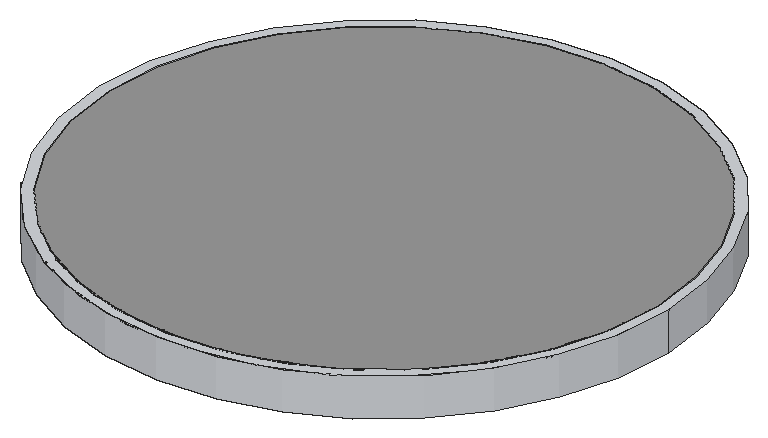
Revit family "2071263", category Lighting Fixtures, host Face, Revit 2018
Family settings
  Host = Face
  Round Connector Dimension = Use Diameter
  Part Type = Normal
  OmniClass Number = 23.80.70.00
  OmniClass Title = Lighting
  Cut with Voids When Loaded = No
  Light Source = Yes
  Shared = No
  Room Calculation Point = No
Parameters (values of type "2071263 COLOSSAL 900 830 PR DIR+H WHT SSA02")
  iner diameter = 856 mm
  Weight = "n/a"
  Wattage Comments = ""
  Wattage = 30 W
  WarrantyStartDate [instance] = "n/a"
  WarrantyGuarantorParts = "n/a"
  WarrantyDurationUnit = "n/a"
  WarrantyDurationParts = ""
  WarrantyDescription = "http://www.sylvania-lighting.com"
  built-in parameter 1150110 = 1 (stored number, unit not read)
  Voltage = 230 V
  URL = "0.99"
  TypeName = "COLOSSAL 900mm 830 PRISM DIR+HAL WHITE SSA02"
  Type Image = <None>
  Type Comments = "n/a"
  built-in parameter 1114217 = 1 (stored number, unit not read)
  Tilt Angle = -90.00°
  built-in parameter 1150109 = 1 (stored number, unit not read)
  built-in parameter 1150134 = (empty or 0)
  built-in parameter 1150113 = 1 (stored number, unit not read)
  SerialNumber [instance] = "n/a"
  Photometric Web File = "2071263.ies"
  Material_3_SYL = LED-Sylvania
  PowerFactor = 0
  PowerConsumption = "Lighting"
  NominalLength = 888 mm
  NominalHeight = 93 mm
  NominalDepth = 888 mm
  Name = "COLOSSAL 900mm 830 PRISM DIR+HAL WHITE SSA02"
  ModelReference = Name  # "COLOSSAL 900mm 830 PRISM DIR+HAL WHITE SSA02"
  ModelNumber = "2071263"
  Model = Name  # "COLOSSAL 900mm 830 PRISM DIR+HAL WHITE SSA02"
  Material = "Feilo Sylvania"
  ManufacturerName = "132 lm/W"
  Manufacturer = ""
  LuminousEfficacy = ""
  built-in parameter 1150105 = 270.44 (stored number, unit not read)
  Lumens = 3398.4 lm
  LuminaireType = "0"
  built-in parameter 1150115 = 1 (stored number, unit not read)
  LightOutputRatio = "LED"
  built-in parameter 1150137 = (empty or 0)
  built-in parameter 1150139 = (empty or 0)
  LampsType = Lamp  # "n/a"
  LampNominalLuminous = "3000 K"
  LampMacAdamStep = "80"
  LampColourTemperature = "LED"
  LampColourRenderingIndex = "16500"
  built-in parameter 1150112 = 1 (stored number, unit not read)
  built-in parameter 1150114 = 1 (stored number, unit not read)
  Lamp = "n/a"
  Keynote = "n/a"
  InstallationDate [instance] = "n/a"
  InputVoltage = "0"
  InputNominalFrequency = "3000"
  built-in parameter 1150132 = (empty or 0)
  built-in parameter 1150102 = (empty or 0)
  built-in parameter 1150107 = 3000 (stored number, unit not read)
  built-in parameter 1150138 = (empty or 0)
  IngressProtection = "IfcLightFixtureType"
  ImpactProtectionIndex = "IfcLightFixtureType"
  built-in parameter 1150106 = 2.7044 (stored number, unit not read)
  IfcExportType = "IfcLightFixtureType"
  IfcExportAs = "Class I"
  Emit from Circle Diameter = 385 mm
  Emit Shape Visible in Rendering = no
  ElectricShockClassification = "132"
  built-in parameter 1150104 = 10.524 (stored number, unit not read)
  DocumentationLiterature = "http://www.sylvania-lighting.com/product/en-int/products/2071263"
  DimmingControlOptions = "n/a"
  Material_2_SYL = Polycarbonate_Sylvania_White
  Dimming Lamp Color Temperature Shift = <None>
  Description = "900mm diameter circular architectural luminaire, can be surface mounted or suspended. Powder coated aluminium housing (RAL9016) with PMMA prismatic diffuser. Direct/indirect (halo) light distribution, 7895lm luminuous flux, 60W system power, 132lm/W luminiaire efficacy. Sylsmart Connected enabled. Colour rendering index Ra >80, 3000K Warm White LED, chromaticity tolerance of 3-step MacAdam ellipse. IP40/IP20, IK03. 350mA drive current. UGR≤19. Electrical protection Class1, 220-240V. Reported lifetime 66k hours L90B10."
  Default Elevation = 1219.2 mm
  CreatedOn = "23/03/2022"
  CreatedBy = "@sylvania-lighting.com"
  Cost = 0
  Color Filter = 16777215
  built-in parameter 1114216 [instance] = (empty or 0)
  ClassificationValue = "EF_70_80"
  ClassificationName = "Uniclass2015"
  Material_1_SYL = Polycarbonate_Sylvania_Opal
  BarCode [instance] = "n/a"
  built-in parameter 1114218 = 1 (stored number, unit not read)
  built-in parameter 1150133 = 10 (stored number, unit not read)
  AssetType = "Fixed"
  AssetIdentifier [instance] = "n/a"
  Assembly Code = "D5020200"
  Apparent Load = 60 VA
  Material_4_SYL = none
Reference planes
  plane 1 "Center (Front/Back)": y = 0
  plane 2: z = 0
  plane 3 "Center (Left/Right)": x = 0
  plane 4: z = 1.161
  plane 5: z = 16.161
  plane 6: x = -444
  plane 7: x = 444
  plane 8: y = 444
  plane 9: y = -444
  plane 10: y = 236
  plane 11: y = -236
  plane 12: x = 85
  plane 13: x = -85
  plane 14: through (0, 0, 1219.2) normal (0.5, 0.866, 0)
  plane 15: through (42.5, 73.612, 1219.2) normal (0.5, 0.866, 0)
  plane 16: through (-42.5, -73.612, 1219.2) normal (0.5, 0.866, 0)
  plane 17: through (0, 0, 1219.2) normal (0.5, -0.866, 0)
  plane 18: through (-42.5, 73.612, 1219.2) normal (0.5, -0.866, 0)
  plane 19: through (42.5, -73.612, 1219.2) normal (0.5, -0.866, 0)
  plane 20: z = 93
  plane 21: y = 428
  plane 22: y = -428
Forms (mm)
  Extrusion 1, solid, detail levels medium+fine
    sketch origin (0, 0, 0) x (0.866025, -0.5, 0) y (0.5, 0.866025, 0)
      loop
        circle (-50, 86.603) r 22
    from 0 to 2
  Extrusion 2, solid, detail levels medium+fine
    sketch origin (0, 0, 0) x (0.866025, -0.5, 0) y (0.5, 0.866025, 0)
      loop
        circle (100, 0) r 22
      loop
        circle (-50, -86.603) r 22
    from 0 to 2
  Blend 3, solid, detail levels medium+fine
    base sketch origin (0, 0, 0) x (1, 0, 0) y (0, 1, 0)
      loop
        line (-85, 236) -> (-246.882, -44.388) -> (-161.882, -191.612) -> (161.882, -191.612) -> (246.882, -44.388) -> (85, 236) -> (-85, 236)
    top sketch origin (0, 0, 0) x (1, 0, 0) y (0, 1, 0)
      loop
        line (-85, 283.076) -> (-287.651, -67.926) -> (-207.792, -218.119) -> (207.792, -218.119) -> (292.5, -71.401) -> (85, 283.076) -> (-85, 283.076)
    from 0 to 33.022
  Extrusion 4, solid, detail levels medium+fine
    sketch origin (0, 0, 0) x (1, 0, 0) y (0, 1, 0)
      loop
        circle (0, 0) r 444
    from 33.022 to 93
  Extrusion 5, void
    sketch origin (0, 0, 0) x (1, 0, 0) y (0, 1, 0)
      loop
        circle (0, 0) r 428
    from 96.588 to 37.292
  Extrusion 6, solid, material "Glass, White, High Luminance", detail levels fine
    sketch origin (0, 0, 0) x (1, 0, 0) y (0, 1, 0)
      loop
        circle (0, 0) r 428
    from 87.991 to 93
  Extrusion 7, solid, detail levels coarse
    sketch origin (0, 0, 0) x (1, 0, 0) y (0, 1, 0)
      loop
        line (-444, 444) -> (-444, -444) -> (444, -444) -> (444, 444) -> (-444, 444)
    from 0 to 93.648
Cuts and joins
  Extrusion 5 cuts Extrusion 1
  Extrusion 5 cuts Extrusion 2
  Extrusion 5 cuts Blend 3
  Extrusion 5 cuts Extrusion 4
Lines and regions (mm)
  model lines, detail levels medium+fine
    curve 1: circle (0, 0, 0) r 100 normal (0, 0, 1)
Dimensions and locks
  "NominalDepth": plane 8 to plane 9
  plane 8 to plane 1 "Center (Front/Back)" to plane 9 = 444 mm, 444 mm
  "NominalLength": plane 6 to plane 7
  equal spacing: plane 6, plane 3 "Center (Left/Right)", plane 7
  "NominalHeight": level to plane 20
  "iner diameter": plane 21 to plane 22
  equal spacing: plane 21, plane 1 "Center (Front/Back)", plane 22
  aligned and locked: plane 2 to host face
  aligned and locked: level to host face
Automatic sketch dimensions
  host sketch curve to host sketch curve = 2438.4 mm  (x2)
  Extrusion 1 sketch curve to plane 3 "Center (Left/Right)" = 0 mm
  Extrusion 1 sketch curve to plane 1 "Center (Front/Back)" = 100 mm
  plane 1 "Center (Front/Back)" to Extrusion 2 sketch curve = 50 mm
  Extrusion 2 sketch curve to plane 3 "Center (Left/Right)" = 86.603 mm
  Extrusion 2 sketch curve to Extrusion 2 sketch curve = 150 mm
  Extrusion 2 sketch curve to Extrusion 2 sketch curve = 86.603 mm
  plane 1 "Center (Front/Back)" to curve 1 = 0 mm
  curve 1 to plane 3 "Center (Left/Right)" = 0 mm
  plane 18 to Blend 3 sketch curve = 0 mm  (x2)
  plane 19 to Blend 3 sketch curve = 0 mm  (x2)
  Blend 3 sketch curve to plane 10 = 0 mm
  Blend 3 sketch curve to plane 13 = 0 mm  (x2)
  Blend 3 sketch curve to plane 12 = 0 mm  (x2)
  Blend 3 sketch curve to plane 16 = 0 mm  (x2)
  Blend 3 sketch curve to plane 15 = 0 mm
  plane 11 to Blend 3 sketch curve = 44.388 mm
  plane 1 "Center (Front/Back)" to Blend 3 sketch curve = 44.388 mm  (x2)
  plane 11 to Blend 3 sketch curve = 17.881 mm
  plane 1 "Center (Front/Back)" to Blend 3 sketch curve = 67.926 mm
  plane 1 "Center (Front/Back)" to Blend 3 sketch curve = 71.401 mm
  Blend 3 sketch curve to plane 7 = 151.5 mm
  plane 10 to Blend 3 sketch curve = 47.076 mm
  plane 1 "Center (Front/Back)" to Extrusion 4 sketch curve = 0 mm
  Extrusion 4 sketch curve to plane 3 "Center (Left/Right)" = 0 mm
  plane 1 "Center (Front/Back)" to Extrusion 5 sketch curve = 0 mm
  Extrusion 5 sketch curve to plane 3 "Center (Left/Right)" = 0 mm
  plane 1 "Center (Front/Back)" to Extrusion 6 sketch curve = 0 mm
  Extrusion 6 sketch curve to plane 3 "Center (Left/Right)" = 0 mm
  Extrusion 7 sketch curve to plane 6 = 0 mm
  Extrusion 7 sketch curve to plane 7 = 0 mm
  Extrusion 7 sketch curve to plane 9 = 0 mm
  Extrusion 7 sketch curve to plane 8 = 0 mm
  radius of Extrusion 1 sketch curve = 22 mm
  radius of Extrusion 2 sketch curve = 22 mm  (x2)
  radius of curve 1 = 100 mm
  radius of Extrusion 4 sketch curve = 444 mm
  radius of Extrusion 5 sketch curve = 428 mm
  radius of Extrusion 6 sketch curve = 428 mm
Connectors
  electrical at (0, 0, 0), driven by "Apparent Load", driven by "PowerFactor", driven by "Voltage"
    settings: index 1, voltage 230 V, apparent load 60 VA, apparent load phase1 0 VA, apparent load phase2 0 VA, apparent load phase3 0 VA, power factor 0, load classification "Lighting", number of poles 1, system type 30, power factor state 1, is connector primary yes, connector utility no, sub classification motor no, connector description ""
